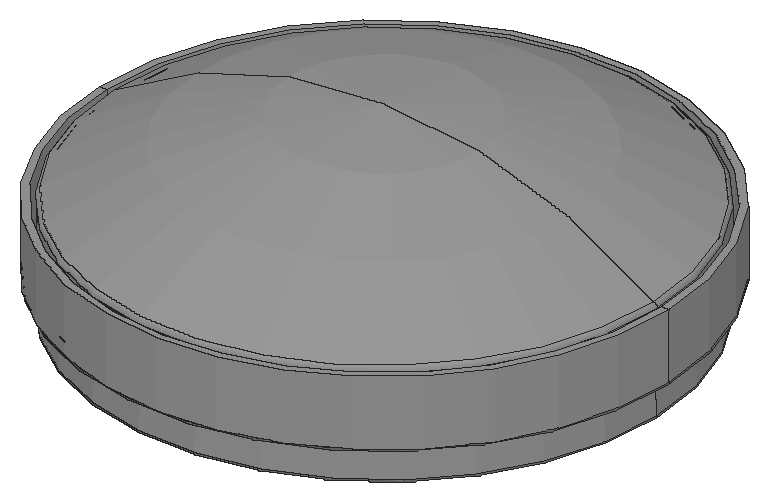
Revit family "3034821 Sylvania Lighting Fixture GIOTTO335 LED G2 3000K SURFACE 1-10V EMERGENCY", category Lighting Fixtures, host Face, Revit 2016
Family settings
  Host = Face
  Part Type = Normal
  Round Connector Dimension = Use Diameter
  OmniClass Number = 23.80.70.00
  OmniClass Title = Lighting
  Cut with Voids When Loaded = No
  Light Source = Yes
  Shared = No
  Room Calculation Point = No
Parameters (values of type "3034821 GIOTTO335 LED G2 SURFACE 3000K 1-10V E3")
  Weight = "1.5 kg"
  Wattage Comments = ""
  Wattage = 24 W
  WarrantyStartDate [instance] = "n/a"
  WarrantyGuarantorParts = "n/a"
  WarrantyDurationUnit = "n/a"
  WarrantyDurationParts = "n/a"
  WarrantyDescription = "n/a"
  built-in parameter 1150110 = 1 (stored number, unit not read)
  Voltage = 230 V
  URL = "http://www.sylvania-lighting.com"
  TypeName = "GIOTTO335 LED G2 3000K SURFACE 1-10V EMERGENCY"
  Type Image = <None>
  Type Comments = "n/a"
  built-in parameter 1114217 = 1 (stored number, unit not read)
  Tilt Angle = -90.00°
  built-in parameter 1150109 = 1 (stored number, unit not read)
  built-in parameter 1150134 = (empty or 0)
  built-in parameter 1150113 = 1 (stored number, unit not read)
  SerialNumber [instance] = "n/a"
  Photometric Web File = "3034821.ies"
  Material_3_SYL = LED-Sylvania
  PowerFactor = 0
  PowerConsumption = "24 W"
  NominalLength = 335 mm
  NominalHeight = 110 mm
  NominalDepth = 335 mm
  Name = "GIOTTO335 LED G2 3000K SURFACE 1-10V EMERGENCY"
  ModelReference = Name  # "GIOTTO335 LED G2 3000K SURFACE 1-10V EMERGENCY"
  ModelNumber = "3034821"
  Model = Name  # "GIOTTO335 LED G2 3000K SURFACE 1-10V EMERGENCY"
  Material = "polycarbonate housing, polycarbonate diffuser"
  ManufacturerName = "Feilo Sylvania"
  Manufacturer = "Feilo Sylvania"
  LuminousEfficacy = "86 lm/W"
  built-in parameter 1150105 = 634.02 (stored number, unit not read)
  Lumens = 2064 lm
  LuminaireType = ""
  built-in parameter 1150115 = 1 (stored number, unit not read)
  LightOutputRatio = "n/a"
  built-in parameter 1150137 = (empty or 0)
  built-in parameter 1150139 = (empty or 0)
  LampsType = Lamp  # "LED"
  LampNominalLuminous = "2056 lm"
  LampMacAdamStep = "n/a"
  LampColourTemperature = "3000 K"
  LampColourRenderingIndex = "80"
  built-in parameter 1150112 = 1 (stored number, unit not read)
  built-in parameter 1150114 = 1 (stored number, unit not read)
  Lamp = "LED"
  Keynote = "16500"
  InstallationDate [instance] = "n/a"
  InputVoltage = "n/a"
  InputNominalFrequency = "n/a"
  built-in parameter 1150132 = (empty or 0)
  built-in parameter 1150102 = (empty or 0)
  built-in parameter 1150107 = 3000 (stored number, unit not read)
  built-in parameter 1150138 = (empty or 0)
  IngressProtection = "IP44"
  ImpactProtectionIndex = "IK10"
  built-in parameter 1150106 = 6.3402 (stored number, unit not read)
  IfcExportType = "IfcLightFixtureType"
  IfcExportAs = "IfcLightFixtureType"
  Height_SYL = 110 mm
  ExpectedLife = 50000
  Emit from Circle Diameter = 317 mm
  Emit Shape Visible in Rendering = no
  ElectricShockClassification = "Class I"
  built-in parameter 1150104 = 7.9897 (stored number, unit not read)
  DurationUnit = "hours"
  DocumentationLiterature = "http://www.sylvania-lighting.com/product/en-int/products/3034821"
  DimmingControlOptions = "n/a"
  Material_2_SYL = Polycarbonate_Sylvania_Giotto_Opal
  Dimming Lamp Color Temperature Shift = <None>
  DiffuserRadius_SYL = 282.611 mm
  Diameter_SYL = 335 mm
  Description = "Ambient and decorative round, surface mounted LED bulkhead luminaire. White robust polycarbonate body with opal diffuser, 2056 lm, 24W, 86lm/W, 3000K, CRI 80, 1-10V dimmable, integral 3 hour maintained emergency, 50,000 hours lumen maintenance. Drive current: 700mA, IP44, IK10, Class I, 220-240V, Energy class: A++, A+, A."
  Default Elevation = 1219.2 mm
  CreatedOn = "9/13/2018"
  CreatedBy = "@sylvania-lighting.com"
  Cost = 0
  Color Filter = 16777215
  built-in parameter 1114216 [instance] = (empty or 0)
  ClassificationValue = "EF_70_80"
  ClassificationName = "Uniclass2015"
  Material_1_SYL = Polycarbonate_Sylvania_Giotto_White
  BarCode [instance] = "n/a"
  built-in parameter 1114218 = 1 (stored number, unit not read)
  built-in parameter 1150133 = 10 (stored number, unit not read)
  AssetType = "Fixed"
  AssetIdentifier [instance] = "n/a"
  Assembly Code = "D5020200"
  Apparent Load = 24 VA
  Material_4_SYL = none
Types (2, lengths in mm): name | Wattage | Photometric Web File | built-in parameter 1150105 | Lumens | built-in parameter 1150132 | built-in parameter 1150106 | Apparent Load
  3034821 GIOTTO335 LED G2 SURFACE 3000K 1-10V E3 | 24 W | "3034821.ies" | 634.02 (stored number, unit not read) | 2064 lm | (empty or 0) | 6.3402 (stored number, unit not read) | 24 VA
  3034821 GIOTTO335 LED G2 SURFACE 3000K 1-10V E3 Emergency mode | 1.32558 W | "3034821EM.ies" | 35.018 (stored number, unit not read) | 114 lm | 2 | 0.35018 (stored number, unit not read) | 1.33 VA
Reference planes
  plane 1 "Center (Front/Back)": y = 0
  plane 2: z = 0
  plane 3 "Center (Left/Right)": x = 0
  plane 4: x = 167.5
  plane 5: x = -167.5
  plane 6: x = -160.5
  plane 7: x = -163.5
  plane 8: z = 110
  plane 9: z = 60
  plane 10: z = 20
  plane 11: z = 25
  plane 12: x = -165.9
  plane 13: z = 21.6
  plane 14: z = 1.6
  plane 15: x = -158.9
  plane 16: z = 19
  plane 17: x = -161.5
  plane 18: z = 26
Forms (mm)
  Revolve 1, solid, material "Polycarbonate_Sylvania_Giotto_White" <- "Material_1_SYL"
    sketch origin (0, 0, 0) x (1, 0, 0) y (0, 0, 1)
      loop
        line (0, 0) -> (0, 26) -> (-158.9, 26) -> (-158.9, 25) -> (-163.5, 25) -> (-163.5, 60) -> (-167.5, 60) -> (-167.5, 21.6)
        arc (-167.5, 21.6) -> (-167.031, 20.469) -> (-165.9, 20) r 1.6
        line (-165.9, 20) -> (-160.5, 20)
        arc (-160.5, 20) -> (-160.193, 19.541) -> (-160.086, 19) r 1.414
        line (-160.086, 19) -> (-160.5, 1.6)
        arc (-160.5, 1.6) -> (-160.031, 0.469) -> (-158.9, 0) r 1.6
        line (-158.9, 0) -> (0, 0)
      axis (0, 60) -> (0, 0)
    angle from 360 to 0
  Revolve 2, solid, material "Polycarbonate_Sylvania_Giotto_Opal" <- "Material_2_SYL"
    sketch origin (0, 0, 0) x (1, 0, 0) y (0, 0, 1)
      loop
        line (-160.5, 25) -> (-158.5, 25) -> (-158.5, 57.891)
        arc (-158.5, 57.891) -> (-158.267, 58.827) -> (-157.623, 59.545) r 2
        arc (-157.623, 59.545) -> (-82.451, 95.612) -> (0, 107.998) r 280.611
        line (0, 107.998) -> (0, 109.998)
        arc (0, 109.998) -> (-83.039, 97.523) -> (-158.747, 61.2) r 282.611
        arc (-158.747, 61.2) -> (-160.035, 59.763) -> (-160.5, 57.891) r 4
        line (-160.5, 57.891) -> (-160.5, 25)
      axis (0, 109.998) -> (0, 25)
    angle from 360 to 0
Dimensions and locks
  equal spacing: plane 4, plane 3 "Center (Left/Right)", plane 5
  "Diameter_SYL": plane 4 to plane 5
  locked: plane 6 to plane 5 at 7
  locked: plane 7 to plane 5 at 4
  "Height_SYL": plane 8 to plane 2
  locked: plane 8 to plane 9 at 50
  locked: plane 9 to plane 10 at 40
  Revolve 1 sketch curve to Revolve 1 sketch curve = 5.4 mm
  locked: plane 11 to plane 10 at 5
  locked: plane 12 to plane 5 at 1.6
  locked: plane 13 to plane 10 at 1.6
  locked: plane 14 to plane 2 at 1.6
  locked: plane 15 to plane 6 at 1.6
  locked: plane 6 to plane 17 at 1
  locked: plane 10 to plane 16 at 1
  locked: plane 18 to plane 11 at 1
  "DiffuserRadius_SYL": radius of Revolve 2 sketch curve
  aligned and locked: plane 2 to host face
  aligned and locked: level to host face
  aligned and locked: Revolve 1 sketch curve to plane 3 "Center (Left/Right)"
  aligned and locked: level to Revolve 1 sketch curve
  aligned and locked: Revolve 1 sketch curve to plane 10
  aligned and locked: plane 9 to Revolve 1 sketch curve
  aligned and locked: Revolve 1 sketch curve to plane 7
  aligned and locked: plane 12 to Revolve 1 sketch curve  (x2)
  aligned and locked: plane 13 to Revolve 1 sketch curve  (x2)
  aligned and locked: plane 17 to Revolve 1 sketch curve
  aligned and locked: plane 16 to Revolve 1 sketch curve  (x2)
  aligned and locked: plane 15 to Revolve 1 sketch curve  (x3)
  aligned and locked: plane 14 to Revolve 1 sketch curve  (x2)
  aligned and locked: Revolve 2 sketch curve to plane 3 "Center (Left/Right)"
  aligned and locked: plane 6 to Revolve 2 sketch curve
  aligned and locked: Revolve 2 sketch curve to Revolve 2 sketch curve
  aligned and locked: plane 3 "Center (Left/Right)" to imposter light
  aligned and locked: imposter light to plane 1 "Center (Front/Back)"
  aligned and locked: plane 18 to Revolve 1 sketch curve
  aligned and locked: plane 11 to Revolve 1 sketch curve
  aligned and locked: plane 11 to Revolve 2 sketch curve
  aligned and locked: plane 3 "Center (Left/Right)" to Revolve 2 sketch curve
  aligned and locked: imposter light to plane 8
Automatic sketch dimensions
  host sketch curve to host sketch curve = 2438.4 mm  (x2)
  Revolve 1 sketch curve to plane 3 "Center (Left/Right)" = 0 mm
  Revolve 1 sketch curve to level = 609.6 mm
  Revolve 1 sketch curve to plane 8 = 2499.058 mm
  Revolve 2 sketch curve to Revolve 2 sketch curve = 0 mm  (x3)
  plane 15 to Revolve 2 sketch curve = 0.4 mm
  Revolve 2 sketch curve to Revolve 2 sketch curve = 2 mm  (x2)
  Revolve 2 sketch curve to level = 172.613 mm
  plane 9 to Revolve 2 sketch curve = 2.109 mm
  Revolve 2 sketch curve to Revolve 2 sketch curve = 436.987 mm
  Revolve 2 sketch curve to plane 8 = 2499.058 mm
Connectors
  electrical at (0, 0, 0), driven by "Apparent Load", driven by "PowerFactor", driven by "Voltage"
    settings: index 1, voltage 230 V, apparent load 24 VA, apparent load phase1 0 VA, apparent load phase2 0 VA, apparent load phase3 0 VA, power factor 0, load classification "Lighting", number of poles 1, system type 30, power factor state 1, is connector primary yes, connector utility no, sub classification motor no, connector description ""
